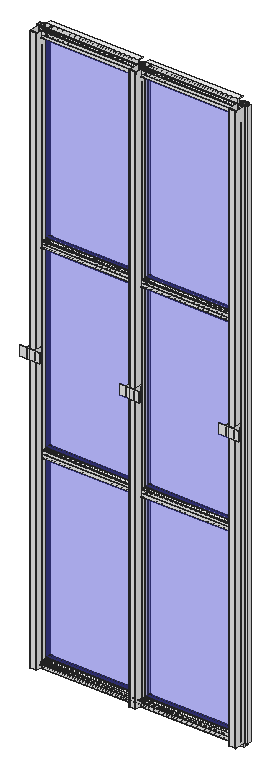
Revit family "Facade_60_Curtain_Wall_I23_Standard", category Windows, host Wall, Revit 2014
Parameters (values of type "F60-I23-1850-1000Pa")
  Windload Design [instance] = if(Custom Windload < 1001 mm, 1000 mm, if(Custom Windload < 1501 mm, 1500 mm, 2000 mm))  # 1000 mm
  Width [instance] = if(Custom Curtain Wall Width < Limit Door Width Min, Limit Door Width Min, if(Custom Curtain Wall Width > Limit Door Width Max, Limit Door Width Max, Custom Curtain Wall Width))  # 1790 mm
  Wall Thickness [instance] = 200 mm
  Vertical Profile Length [instance] = Height - Frame Bottom Gap  # 4960 mm
  URL = "http://www.crealco.co.za/crealco-products.php"
  Type Comments = ""
  Transom Vertical Spacing [instance] = (Height - Frame Bottom Gap - (4 mm * 60)) / 3  # 1573.333 mm
  Top Transom Top Gap [instance] = Transom Vertical Spacing + 60 mm  # 1633.333 mm
  Top Profile Overhang = 5.9 mm  # constant formula
  Thermal Resistance (R) [instance] = if(IGDB or SAGDB Number = 100100, 1.0000 (m²·K)/W / Intruderprufe U Value, if(IGDB or SAGDB Number = 100100, 1.0000 (m²·K)/W / Intruderprufe U Value, if(IGDB or SAGDB Number = 105003, 1.0000 (m²·K)/W / Intruderprufe Insulated U Value, if(IGDB or SAGDB Number = 105004, 1.0000 (m²·K)/W / Intruderprufe Insulated LowE U Value, 1.0000 (m²·K)/W / 7.9)))) * 1  # 0.126582 (m²·K)/W
  Thermal Break Material = Plastic, Opaque Black
  Solar Heat Gain Coefficient [instance] = if(IGDB or SAGDB Number = 100100, Intruderprufe SHGC Value, if(IGDB or SAGDB Number = 103200, Intruderprufe LowE SHGC Value, if(IGDB or SAGDB Number = 105003, Intruderprufe Insulated SHGC Value, if(IGDB or SAGDB Number = 105004, Intruderprufe Insulated LowE SHGC Value, 0))))  # 0
  Single Glazing [instance] = if(DG Forced, 1 = 0, not(Double Glazing))  # no
  Sill Height = 85 mm  # constant formula
  SG Forced [instance] = not(DG Forced)  # no
  Quarter Expansion Break = no
  Overall Width [instance] = 1790 mm
  Overall Height [instance] = 4990 mm
  Mullion Side Gap [instance] = (Width / 2) - 30 mm  # 865 mm
  Mullion Configuration [instance] = if(Windload Design = 1000 mm, if(not(Height > 4990 mm), 1 mm, 2 mm), if(Windload Design = 1500 mm, if(not(Height > 4990 mm), if(Width > 2990 mm, 2 mm, 1 mm), 3 mm), if(not(Height > 4990 mm), if(Width > 1790 mm, 2 mm, 1 mm), 3 mm)))  # 1 mm
  Model = "Facade 60"
  Half Expansion Break = no
  Bottom Transom Bottom Gap [instance] = Transom Vertical Spacing + 30 mm + 60 mm  # 1663.333 mm
  Mid Glazing Bottom Gap [instance] = Frame Bottom Gap + 60 mm + Transom Vertical Spacing + 39.8 mm  # 1703.133 mm
  Max System DG Unit Thickness = 25 mm  # constant formula
  Max System DG One Piece Thickness [instance] = rounddown((Max System DG Unit Thickness - DG Gasket Thickness) / 2 mm) * 1 mm  # 6 mm
  Max Pane Area [instance] = Glazing Width * Glazing Height  # 1.36425 m²
  Manufacturer = "Crealco"
  Limit Door Width Min = (2 * Limit Panel Width Min) + (2 * Glazing Side Gap) + 19.6 mm  # 699.2 mm
  Limit Door Width Max = (2 * Limit Panel Width Max) + (2 * Glazing Side Gap) + 19.6 mm  # 6099.2 mm
  Limit Door Height Min = (3 * Limit Panel Height Min) + 69.8 mm + (2 mm * 19.6) + 39.8 mm  # 1048.8 mm
  Limit Door Height Max = (3 * Limit Panel Height Max) + 69.8 mm + (2 mm * 19.6) + 39.8 mm  # 18148.8 mm
  Limit Panel Width Min = 300 mm  # constant formula
  Limit Panel Width Max = 3000 mm  # constant formula
  Limit Panel Height Min = 300 mm  # constant formula
  Limit Panel Height Max = 6000 mm  # constant formula
  Sill Length [instance] = Width  # 1790 mm
  Length Sill [instance] = Width  # 1790 mm
  Keynote = ""
  Jamb Width = 60 mm  # constant formula
  Intruderprufe U Value = 5.64
  Intruderprufe SHGC Value = 0.685
  Intruderprufe LowE U Value = 4.28
  Intruderprufe LowE SHGC Value = 0.6
  Intruderprufe Insulated U Value = 3.1
  Intruderprufe Insulated SHGC Value = 0.59
  Intruderprufe Insulated LowE U Value = 2.48
  Intruderprufe Insulated LowE SHGC Value = 0.532
  Horizontal Profile Length [instance] = (Width - (2 * Jamb Width) - 60 mm) / 2  # 805 mm
  Glazing Width [instance] = Horizontal Profile Length + (2 mm * 20.2)  # 845.4 mm
  Glazing Top Gap = 39.8 mm  # constant formula
  Glazing Side Gap = 39.8 mm  # constant formula
  Glazing Height [instance] = (Height - Glazing Top Gap - Glazing Bottom Gap - (2 * (60 mm - 20.2 mm - 20.2 mm))) / 3  # 1613.733 mm
  Glazing Gap SG [instance] = (14 mm - SG Thickness) / 2  # 5 mm
  Glazing Gap DG [instance] = (28 mm - (DG Thickness + DG Thickness + DG Gasket Thickness)) / 2  # 4 mm
  Glazing Bottom Gap = 69.8 mm  # constant formula
  Frame Thickness = 101.8 mm  # constant formula
  Frame Bottom Gap = 30 mm  # constant formula
  Door Leaf Height [instance] = 2050 mm
  Double Glazing [instance] = yes
  DG Thickness Calc [instance] = if(not(Max Pane Area > 1.125 m²), 4 mm, if(not(Max Pane Area > 2.25 m²), 4 mm, if(not(Max Pane Area > 3.15 m²), 5 mm, if(not(Max Pane Area > 4.35 m²), 6 mm, if(not(Max Pane Area > 6.45 m²), 8 mm, 10 mm)))))  # 4 mm
  DG Thickness [instance] = if(IGDB or SAGDB Number = 105003, 6 mm, if(IGDB or SAGDB Number = 105004, 7 mm, if(DG Thickness Calc > Max System DG One Piece Thickness, Max System DG One Piece Thickness, DG Thickness Calc)))  # 4 mm
  DG Gasket Thickness = 12 mm  # constant formula
  DG Gasket Finish [instance] = Double Glazing Gasket Material
  DG Forced [instance] = if(IGDB or SAGDB Number = 100100, 1 = 0, if(IGDB or SAGDB Number = 103200, 1 = 0, if(IGDB or SAGDB Number = 105003, 1 = 1, if(IGDB or SAGDB Number = 105004, 1 = 1, Double Glazing))))  # yes
  IGDB or SAGDB Number [instance] = 0
  Height [instance] = if(Custom Curtain Wall Height < Limit Door Height Min, Limit Door Height Min, if(Custom Curtain Wall Height > Limit Door Height Max, Limit Door Height Max, Custom Curtain Wall Height))  # 4990 mm
  Heat Transfer Coefficient (U) [instance] = if(IGDB or SAGDB Number = 100100, Intruderprufe U Value, if(IGDB or SAGDB Number = 103200, Intruderprufe LowE U Value, if(IGDB or SAGDB Number = 105003, Intruderprufe Insulated U Value, if(IGDB or SAGDB Number = 105004, Intruderprufe Insulated LowE U Value, 7.9)))) * 1.0000 W/(m²·K)  # 7.9000 W/(m²·K)
  SG Thickness [instance] = if(IGDB or SAGDB Number = 100100, 6 mm, if(IGDB or SAGDB Number = 103200, 7 mm, if(not(Max Pane Area > 0.75 m²), 4 mm, if(not(Max Pane Area > 1.50 m²), 4 mm, if(not(Max Pane Area > 2.10 m²), 5 mm, if(not(Max Pane Area > 2.90 m²), 6.4 mm, if(not(Max Pane Area > 4.30 m²), 8 mm, 10 mm)))))))  # 4 mm
  Glazing Material [instance] = if(IGDB or SAGDB Number = 100100, "PFG INTRUDERPRUFE 6.38mm", if(IGDB or SAGDB Number = 103200, "PFG INTRUDERPRUFE LOW-E 7.38mm", if(IGDB or SAGDB Number = 105003, "PFG 25mm INTRUDERPRUFE INSULATED GLASS", if(IGDB or SAGDB Number = 105004, "PFG 25mm INTRUDERPRUFE INSULATED GLASS LOW-E", "Unknown"))))  # "Unknown"
  Glazing Finish [instance] = Glass
  Glazing Code [instance] = if(IGDB or SAGDB Number = 100100, "LAM01", if(IGDB or SAGDB Number = 103200, "LAM01E", if(IGDB or SAGDB Number = 105003, "IGU25", if(IGDB or SAGDB Number = 105004, "IGU25E", "Unknown"))))  # "Unknown"
  Frame Offset [instance] = if([100mm Mullion], 130 mm, if([160mm Mullion], 160 mm, 190 mm))  # 130 mm
  Description = "Curtain Wall, I23"  # constant formula
  Default Sill Height = 0 mm
  Wall Closure = By host
  Custom Curtain Wall Width = 1790 mm
  Custom Curtain Wall Height = 4990 mm
  Custom Windload = 1000 mm
  Custom Anchor Height = 0 mm
  Anchor Height [instance] = if(or(Custom Anchor Height < 42.5 mm, Custom Anchor Height > (Height - 42.5 mm)), (Height / 2) - 42.5 mm, Custom Anchor Height - 42.5 mm)  # 2452.5 mm
  Aluminium Finish [instance] = White Powder Coated Aluminium ANP 1052
  All Available Glazing Numbers [instance] = "The rows below list the available glazing materials for this window:"  # constant formula
  190mm Mullion [instance] = if(Mullion Configuration = 3 mm, 1 = 1, 1 = 0)  # no
  160mm Mullion [instance] = if(Mullion Configuration = 2 mm, 1 = 1, 1 = 0)  # no
  105004 [instance] = "IGU25E"  # constant formula
  105003 [instance] = "IGU25"  # constant formula
  103200 [instance] = "LAM01E"  # constant formula
  100mm Mullion [instance] = if(or(Mullion Configuration = 2 mm, Mullion Configuration = 3 mm), 1 = 0, 1 = 1)  # yes
  100100 [instance] = "LAM01"  # constant formula
Reference planes
  plane 1 "Center (Front/Back)": y = 0
  plane 2 "Center (Left/Right)": x = 0
  plane 3 "Left": x = -895
  plane 4 "Right": x = 895
  plane 5 "Sill": z = 0
  plane 6 "Head": z = 4990
  plane 7 "Exterior": y = 100
  plane 8 "Interior": y = -100
Lines and regions (mm)
  Opening 1
    outline origin (3507.082, -100, 0) x (1, 0, 0) y (0, 0, 1)
      loop
        line (-2612.082, 0) -> (-2612.082, 4990) -> (-4402.082, 4990) -> (-4402.082, 0) -> (-2612.082, 0)
Text (mm)
  text "EXTERIOR" at (-1963.203, 1332.353, 0), in view "Ref. Level"
  text "INTERIOR" at (-1981.466, -818.386, 0), in view "Ref. Level"
  text "Exterior" at (0, 923.751, 2943.296), in view "Right"
  text "Exterior" at (0, 1040.484, 2685.409), in view "Left"
Dimensions and locks
  equal spacing: plane 3 "Left", plane 2 "Center (Left/Right)", plane 4 "Right"
  "Width": plane 3 "Left" to plane 4 "Right"
  "Height": plane 5 "Sill" to plane 6 "Head"
  "Default Sill Height": plane 5 "Sill" to level
  locked: plane 7 "Exterior" to host wall at 0
  locked: plane 8 "Interior" to host wall
  "Overall Height": plane 6 "Head" to plane 5 "Sill"
  "Overall Width": plane 3 "Left" to plane 4 "Right"
  "Wall Thickness": host wall to host wall
  "Jamb Width": nested 3 to plane 4 "Right"
  "Jamb Width": nested 5 to plane 4 "Right"
  "Frame Bottom Gap": nested 5 to level
  "Glazing Side Gap": nested 6 to plane 4 "Right"
  "Glazing Top Gap": nested 6 to plane 6 "Head"
  "Glazing Gap SG": nested 6 to nested 1
  "Glazing Side Gap": nested 7 to plane 4 "Right"
  "Glazing Top Gap": nested 7 to plane 6 "Head"
  "Glazing Gap DG": nested 7 to nested 1
  "Mullion Side Gap": nested 8 to plane 4 "Right"
  "Frame Bottom Gap": nested 8 to level
  "Jamb Width": plane 3 "Left" to nested 10
  "Jamb Width": plane 3 "Left" to nested 9
  "Glazing Side Gap": plane 3 "Left" to nested 11
  "Glazing Side Gap": plane 3 "Left" to nested 12
  "Glazing Gap SG": nested 2 to nested 12
  "Glazing Gap DG": nested 2 to nested 11
  "Glazing Bottom Gap": nested 11 to level
  "Glazing Bottom Gap": nested 12 to level
  "Frame Bottom Gap": nested 9 to level
  "Bottom Transom Bottom Gap": nested 13 to level
  "Jamb Width": plane 3 "Left" to nested 13
  "Jamb Width": nested 14 to plane 4 "Right"
  "Glazing Bottom Gap": nested 15 to level
  "Glazing Bottom Gap": nested 16 to level
  "Glazing Top Gap": nested 17 to plane 6 "Head"
  "Glazing Top Gap": nested 18 to plane 6 "Head"
  "Glazing Side Gap": plane 3 "Left" to nested 18
  "Glazing Side Gap": plane 3 "Left" to nested 17
  "Glazing Side Gap": nested 15 to plane 4 "Right"
  "Glazing Side Gap": nested 16 to plane 4 "Right"
  "Glazing Gap SG": nested 16 to nested 1
  "Glazing Gap DG": nested 15 to nested 1
  "Glazing Gap SG": nested 2 to nested 18
  "Glazing Gap DG": nested 2 to nested 17
  "Jamb Width": nested 19 to plane 4 "Right"
  "Jamb Width": plane 3 "Left" to nested 20
  "Mid Glazing Bottom Gap": nested 22 to level
  "Mid Glazing Bottom Gap": nested 24 to level
  "Mid Glazing Bottom Gap": nested 21 to level
  "Mid Glazing Bottom Gap": nested 23 to level
  "Glazing Side Gap": plane 3 "Left" to nested 23
  "Glazing Side Gap": plane 3 "Left" to nested 21
  "Glazing Side Gap": nested 24 to plane 4 "Right"
  "Glazing Side Gap": nested 22 to plane 4 "Right"
  "Glazing Gap DG": nested 2 to nested 21
  "Glazing Gap SG": nested 2 to nested 23
  "Glazing Gap DG": nested 22 to nested 1
  "Glazing Gap SG": nested 24 to nested 1
  "Bottom Transom Bottom Gap": nested 14 to level
  "Top Transom Top Gap": nested 19 to plane 6 "Head"
  "Top Transom Top Gap": nested 20 to plane 6 "Head"
  "Frame Offset": plane 8 "Interior" to nested 1
  "Anchor Height": nested 25 to level
  "Anchor Height": nested 26 to level
  "Anchor Height": nested 27 to level
  aligned and locked: plane 4 "Right" to nested 1
  aligned and locked: nested 1 to plane 6 "Head"
  aligned and locked: plane 3 "Left" to nested 2
  aligned and locked: plane 6 "Head" to nested 2
  aligned and locked: nested 3 to plane 6 "Head"
  aligned and locked: nested 4 to level
  aligned and locked: plane 4 "Right" to nested 4
  aligned and locked: nested 1 to nested 2
  aligned and locked: nested 5 to nested 4
  aligned and locked: nested 8 to nested 2
  aligned and locked: nested 10 to plane 6 "Head"
  aligned and locked: nested 5 to nested 10
  aligned and locked: nested 5 to nested 9
  aligned and locked: nested 10 to nested 3
  aligned and locked: nested 10 to nested 2
  aligned and locked: nested 13 to nested 10
  aligned and locked: nested 14 to nested 3
  aligned and locked: nested 20 to nested 10
  aligned and locked: nested 19 to nested 3
  aligned and locked: nested 1 to nested 27
  aligned and locked: plane 8 "Interior" to nested 27
  aligned and locked: plane 8 "Interior" to nested 26
  aligned and locked: nested 8 to nested 26
  aligned and locked: nested 25 to nested 2
  aligned and locked: plane 8 "Interior" to nested 25
Automatic sketch dimensions
  plane 3 "Left" to Opening 1 sketch curve = 0 mm
  plane 4 "Right" to Opening 1 sketch curve = 0 mm
  Opening 1 sketch curve to plane 5 "Sill" = 0 mm
  Opening 1 sketch curve to plane 6 "Head" = 0 mm
Nested families
  nested 1: "F60 Vertical Profile Side_I23_Std" at (895, 35.2, 30) x (-1, 0, 0) z (0, 0, 1), Thermal Break Material <- "Thermal Break Material", Profile Material <- "Aluminium Finish", Length <- "Vertical Profile Length", Single Glazing <- "SG Forced", Double Glazing <- "DG Forced", 100mm Mullion <- "100mm Mullion", 160mm Mullion <- "160mm Mullion", 190mm Mullion <- "190mm Mullion", Quarter Expansion Break <- "Quarter Expansion Break", Half Expansion Break <- "Half Expansion Break", type "F60 Vertical Profile Side_I23_Std"
    with Thermal Break Material Plastic, Opaque Black, Single Glazing no, Quarter SG Expansion Break no, Quarter Length 1240 mm, Quarter Expansion Break no, Quarter DG Expansion Break no, Quarter 190mm Expansion Break no, Quarter 160mm Expansion Break no, Quarter 100mm Expansion Break no, Profile Material White Powder Coated Aluminium ANP 1052, Length 4960 mm, Half SG Expansion Break no, Half Length 2480 mm, Half Expansion Break no, Half DG Expansion Break no, Half 190mm Expansion Joint no, Half 160mm Expansion Break no, Half 100mm Expansion Break no, Double Glazing yes, 190mm Mullion no, 160mm Mullion no, 100mm Mullion yes
  nested 2: "F60 Vertical Profile Side_I23_Std" at (-895, 35.2, 30), Thermal Break Material <- "Thermal Break Material", Profile Material <- "Aluminium Finish", Length <- "Vertical Profile Length", Single Glazing <- "SG Forced", Double Glazing <- "DG Forced", 100mm Mullion <- "100mm Mullion", 160mm Mullion <- "160mm Mullion", 190mm Mullion <- "190mm Mullion", Quarter Expansion Break <- "Quarter Expansion Break", Half Expansion Break <- "Half Expansion Break", type "F60 Vertical Profile Side_I23_Std"
    with Thermal Break Material Plastic, Opaque Black, Single Glazing no, Quarter SG Expansion Break no, Quarter Length 1240 mm, Quarter Expansion Break no, Quarter DG Expansion Break no, Quarter 190mm Expansion Break no, Quarter 160mm Expansion Break no, Quarter 100mm Expansion Break no, Profile Material White Powder Coated Aluminium ANP 1052, Length 4960 mm, Half SG Expansion Break no, Half Length 2480 mm, Half Expansion Break no, Half DG Expansion Break no, Half 190mm Expansion Joint no, Half 160mm Expansion Break no, Half 100mm Expansion Break no, Double Glazing yes, 190mm Mullion no, 160mm Mullion no, 100mm Mullion yes
  nested 3: "F60 Horizontal Profile Top_I23_Std" at (835, -14.6, 4930) x (-1, 0, 0) z (0, 0, 1), Thermal Break Material <- "Thermal Break Material", Profile Material <- "Aluminium Finish", Length <- "Horizontal Profile Length", Single Glazing <- "SG Forced", Double Glazing <- "DG Forced", type "F60 Horizontal Profile Top_I23_Std"
    with Thermal Break Material Plastic, Opaque Black, Single Glazing no, Profile Material White Powder Coated Aluminium ANP 1052, Length 805 mm, Double Glazing yes
  nested 4: "F60 Sill_I23_Std" at (895, 22.771, -1.88) x (-1, 0, 0) z (0, 0, 1), Profile Material <- "Aluminium Finish", Length Sill <- "Length Sill", type "F60 Sill_I23_Std"
    with Profile Material White Powder Coated Aluminium ANP 1052, Length Sill 1790 mm
  nested 5: "F60 Horizontal Profile Bottom_I23_Std" at (835, -14.6, 30) x (-1, 0, 0) z (0, 0, 1), Thermal Break Material <- "Thermal Break Material", Profile Material <- "Aluminium Finish", Length <- "Horizontal Profile Length", Single Glazing <- "SG Forced", Double Glazing <- "DG Forced", type "F60 Horizontal Profile Bottom_I23_Std"
    with Thermal Break Material Plastic, Opaque Black, Single Glazing no, Profile Material White Powder Coated Aluminium ANP 1052, Length 805 mm, Double Glazing yes
  nested 6: "F60_Single_Glazing_I23_Std" at (855.2, 44.2, 3336.467), Glazing Width <- "Glazing Width", Glazing Height <- "Glazing Height", SG Thickness <- "SG Thickness", Glazing Finish <- "Glazing Finish", visible <- "SG Forced", type "F60_Single_Glazing_I23_Std"
    with SG Thickness 4 mm, Glazing Width 845.4 mm, Glazing Height 1613.733 mm, Glazing Finish Glass
  nested 7: "F60_Double_Glazing_I23_Std" at (855.2, 59.2, 3336.467), Glazing Material <- "Glazing Finish", Double Glazing Gasket Material <- "DG Gasket Finish", Glazing Width <- "Glazing Width", Glazing Height <- "Glazing Height", Glazing Thickness DG <- "DG Thickness", Double Glazing Gasket Thickness <- "DG Gasket Thickness", visible <- "DG Forced", type "F60_Double_Glazing_I23_Std"
    with Glazing Width 845.4 mm, Glazing Thickness DG 4 mm, Glazing Material Glass, Glazing Height 1613.733 mm, Double Glazing Gasket Thickness 12 mm, Double Glazing Gasket Material Double Glazing Gasket Material
  nested 8: "F60 Vertical Profile Middle_I23_Std" at (30, 35.2, 30) x (-1, 0, 0) z (0, 0, 1), Thermal Break Material <- "Thermal Break Material", Profile Material <- "Aluminium Finish", Single Glazing <- "SG Forced", Double Glazing <- "DG Forced", 190mm Mullion <- "190mm Mullion", 160mm Mullion <- "160mm Mullion", 100mm Mullion <- "100mm Mullion", Length <- "Vertical Profile Length", Half Expansion Break <- "Half Expansion Break", Quarter Expansion Break <- "Quarter Expansion Break", type "F60 Vertical Profile Middle_I23_Std"
    with Thermal Break Material Plastic, Opaque Black, Single Glazing no, Quarter SG Expansion Break no, Quarter Length 1240 mm, Quarter Expansion Break no, Quarter DG Expansion Break no, Quarter 190mm Expansion Break no, Quarter 160mm Expansion Break no, Quarter 100mm Expansion Break no, Profile Material White Powder Coated Aluminium ANP 1052, Length 4960 mm, Half SG Expansion Break no, Half Length 2480 mm, Half Expansion Break no, Half DG Expansion Break no, Half 190mm Expansion Joint no, Half 160mm Expansion Break no, Half 100mm Expansion Break no, Double Glazing yes, 190mm Mullion no, 160mm Mullion no, 100mm Mullion yes
  nested 9: "F60 Horizontal Profile Bottom_I23_Std" at (-30, -14.6, 30) x (-1, 0, 0) z (0, 0, 1), Thermal Break Material <- "Thermal Break Material", Profile Material <- "Aluminium Finish", Length <- "Horizontal Profile Length", Single Glazing <- "SG Forced", Double Glazing <- "DG Forced", type "F60 Horizontal Profile Bottom_I23_Std"
    with Thermal Break Material Plastic, Opaque Black, Single Glazing no, Profile Material White Powder Coated Aluminium ANP 1052, Length 805 mm, Double Glazing yes
  nested 10: "F60 Horizontal Profile Top_I23_Std" at (-30, -14.6, 4930) x (-1, 0, 0) z (0, 0, 1), Thermal Break Material <- "Thermal Break Material", Profile Material <- "Aluminium Finish", Length <- "Horizontal Profile Length", Single Glazing <- "SG Forced", Double Glazing <- "DG Forced", type "F60 Horizontal Profile Top_I23_Std"
    with Thermal Break Material Plastic, Opaque Black, Single Glazing no, Profile Material White Powder Coated Aluminium ANP 1052, Length 805 mm, Double Glazing yes
  nested 11: "F60_Double_Glazing_I23_Std" at (-9.8, 59.2, 69.8), Glazing Material <- "Glazing Finish", Double Glazing Gasket Material <- "DG Gasket Finish", Glazing Width <- "Glazing Width", Glazing Height <- "Glazing Height", Glazing Thickness DG <- "DG Thickness", Double Glazing Gasket Thickness <- "DG Gasket Thickness", visible <- "DG Forced", type "F60_Double_Glazing_I23_Std"
    with Glazing Width 845.4 mm, Glazing Thickness DG 4 mm, Glazing Material Glass, Glazing Height 1613.733 mm, Double Glazing Gasket Thickness 12 mm, Double Glazing Gasket Material Double Glazing Gasket Material
  nested 12: "F60_Single_Glazing_I23_Std" at (-9.8, 44.2, 69.8), Glazing Width <- "Glazing Width", Glazing Height <- "Glazing Height", SG Thickness <- "SG Thickness", Glazing Finish <- "Glazing Finish", visible <- "SG Forced", type "F60_Single_Glazing_I23_Std"
    with SG Thickness 4 mm, Glazing Width 845.4 mm, Glazing Height 1613.733 mm, Glazing Finish Glass
  nested 13: "F60 Horizontal Profile Middle_I23_Std" at (-30, -14.6, 1663.333) x (-1, 0, 0) z (0, 0, 1), Thermal Break Material <- "Thermal Break Material", Profile Material <- "Aluminium Finish", Length <- "Horizontal Profile Length", Single Glazing <- "SG Forced", Double Glazing <- "DG Forced", type "F60 Horizontal Profile Middle_I23_Std"
    with Thermal Break Material Plastic, Opaque Black, Single Glazing no, Profile Material White Powder Coated Aluminium ANP 1052, Length 805 mm, Double Glazing yes
  nested 14: "F60 Horizontal Profile Middle_I23_Std" at (835, -14.6, 1663.333) x (-1, 0, 0) z (0, 0, 1), Thermal Break Material <- "Thermal Break Material", Profile Material <- "Aluminium Finish", Length <- "Horizontal Profile Length", Single Glazing <- "SG Forced", Double Glazing <- "DG Forced", type "F60 Horizontal Profile Middle_I23_Std"
    with Thermal Break Material Plastic, Opaque Black, Single Glazing no, Profile Material White Powder Coated Aluminium ANP 1052, Length 805 mm, Double Glazing yes
  nested 15: "F60_Double_Glazing_I23_Std" at (855.2, 59.2, 69.8), Glazing Material <- "Glazing Finish", Double Glazing Gasket Material <- "DG Gasket Finish", Glazing Width <- "Glazing Width", Glazing Height <- "Glazing Height", Glazing Thickness DG <- "DG Thickness", Double Glazing Gasket Thickness <- "DG Gasket Thickness", visible <- "DG Forced", type "F60_Double_Glazing_I23_Std"
    with Glazing Width 845.4 mm, Glazing Thickness DG 4 mm, Glazing Material Glass, Glazing Height 1613.733 mm, Double Glazing Gasket Thickness 12 mm, Double Glazing Gasket Material Double Glazing Gasket Material
  nested 16: "F60_Single_Glazing_I23_Std" at (855.2, 44.2, 69.8), Glazing Width <- "Glazing Width", Glazing Height <- "Glazing Height", SG Thickness <- "SG Thickness", Glazing Finish <- "Glazing Finish", visible <- "SG Forced", type "F60_Single_Glazing_I23_Std"
    with SG Thickness 4 mm, Glazing Width 845.4 mm, Glazing Height 1613.733 mm, Glazing Finish Glass
  nested 17: "F60_Double_Glazing_I23_Std" at (-9.8, 59.2, 3336.467), Glazing Material <- "Glazing Finish", Double Glazing Gasket Material <- "DG Gasket Finish", Glazing Width <- "Glazing Width", Glazing Height <- "Glazing Height", Glazing Thickness DG <- "DG Thickness", Double Glazing Gasket Thickness <- "DG Gasket Thickness", visible <- "DG Forced", type "F60_Double_Glazing_I23_Std"
    with Glazing Width 845.4 mm, Glazing Thickness DG 4 mm, Glazing Material Glass, Glazing Height 1613.733 mm, Double Glazing Gasket Thickness 12 mm, Double Glazing Gasket Material Double Glazing Gasket Material
  nested 18: "F60_Single_Glazing_I23_Std" at (-9.8, 44.2, 3336.467), Glazing Width <- "Glazing Width", Glazing Height <- "Glazing Height", SG Thickness <- "SG Thickness", Glazing Finish <- "Glazing Finish", visible <- "SG Forced", type "F60_Single_Glazing_I23_Std"
    with SG Thickness 4 mm, Glazing Width 845.4 mm, Glazing Height 1613.733 mm, Glazing Finish Glass
  nested 19: "F60 Horizontal Profile Middle_I23_Std" at (835, -14.6, 3296.667) x (-1, 0, 0) z (0, 0, 1), Thermal Break Material <- "Thermal Break Material", Profile Material <- "Aluminium Finish", Length <- "Horizontal Profile Length", Single Glazing <- "SG Forced", Double Glazing <- "DG Forced", type "F60 Horizontal Profile Middle_I23_Std"
    with Thermal Break Material Plastic, Opaque Black, Single Glazing no, Profile Material White Powder Coated Aluminium ANP 1052, Length 805 mm, Double Glazing yes
  nested 20: "F60 Horizontal Profile Middle_I23_Std" at (-30, -14.6, 3296.667) x (-1, 0, 0) z (0, 0, 1), Thermal Break Material <- "Thermal Break Material", Profile Material <- "Aluminium Finish", Length <- "Horizontal Profile Length", Single Glazing <- "SG Forced", Double Glazing <- "DG Forced", type "F60 Horizontal Profile Middle_I23_Std"
    with Thermal Break Material Plastic, Opaque Black, Single Glazing no, Profile Material White Powder Coated Aluminium ANP 1052, Length 805 mm, Double Glazing yes
  nested 21: "F60_Double_Glazing_I23_Std" at (-9.8, 59.2, 1703.133), Glazing Material <- "Glazing Finish", Double Glazing Gasket Material <- "DG Gasket Finish", Glazing Width <- "Glazing Width", Glazing Height <- "Glazing Height", Glazing Thickness DG <- "DG Thickness", Double Glazing Gasket Thickness <- "DG Gasket Thickness", visible <- "DG Forced", type "F60_Double_Glazing_I23_Std"
    with Glazing Width 845.4 mm, Glazing Thickness DG 4 mm, Glazing Material Glass, Glazing Height 1613.733 mm, Double Glazing Gasket Thickness 12 mm, Double Glazing Gasket Material Double Glazing Gasket Material
  nested 22: "F60_Double_Glazing_I23_Std" at (855.2, 59.2, 1703.133), Glazing Material <- "Glazing Finish", Double Glazing Gasket Material <- "DG Gasket Finish", Glazing Width <- "Glazing Width", Glazing Height <- "Glazing Height", Glazing Thickness DG <- "DG Thickness", Double Glazing Gasket Thickness <- "DG Gasket Thickness", visible <- "DG Forced", type "F60_Double_Glazing_I23_Std"
    with Glazing Width 845.4 mm, Glazing Thickness DG 4 mm, Glazing Material Glass, Glazing Height 1613.733 mm, Double Glazing Gasket Thickness 12 mm, Double Glazing Gasket Material Double Glazing Gasket Material
  nested 23: "F60_Single_Glazing_I23_Std" at (-9.8, 44.2, 1703.133), Glazing Width <- "Glazing Width", Glazing Height <- "Glazing Height", SG Thickness <- "SG Thickness", Glazing Finish <- "Glazing Finish", visible <- "SG Forced", type "F60_Single_Glazing_I23_Std"
    with SG Thickness 4 mm, Glazing Width 845.4 mm, Glazing Height 1613.733 mm, Glazing Finish Glass
  nested 24: "F60_Single_Glazing_I23_Std" at (855.2, 44.2, 1703.133), Glazing Width <- "Glazing Width", Glazing Height <- "Glazing Height", SG Thickness <- "SG Thickness", Glazing Finish <- "Glazing Finish", visible <- "SG Forced", type "F60_Single_Glazing_I23_Std"
    with SG Thickness 4 mm, Glazing Width 845.4 mm, Glazing Height 1613.733 mm, Glazing Finish Glass
  nested 25: "F60 Intermediate Anchor_I23_Std" at (-972.715, -189.531, 2452.5), Profile Material <- "Aluminium Finish", type "F60 Intermediate Anchor_I23_Std"
    with Profile Material White Powder Coated Aluminium ANP 1052
  nested 26: "F60 Intermediate Anchor_I23_Std" at (-109.703, -189.531, 2452.5), Profile Material <- "Aluminium Finish", type "F60 Intermediate Anchor_I23_Std"
    with Profile Material White Powder Coated Aluminium ANP 1052
  nested 27: "F60 Intermediate Anchor_I23_Std" at (755.297, -189.531, 2452.5), Profile Material <- "Aluminium Finish", type "F60 Intermediate Anchor_I23_Std"
    with Profile Material White Powder Coated Aluminium ANP 1052
Definition of nested family "F60 Vertical Profile Side_I23_Std"
  Parameters (values of type "F60 Vertical Profile Side")
    Quarter SG Expansion Break [instance] = if(and(Quarter Expansion Break, Single Glazing), 1 = 1, 1 = 0)  # yes
    Quarter Length [instance] = Length / 4  # 62.5 mm
    Thermal Break Material [instance] = none
    Single Glazing [instance] = yes
    Quarter Expansion Break [instance] = yes
    Quarter DG Expansion Break [instance] = if(and(Quarter Expansion Break, Double Glazing), 1 = 1, 1 = 0)  # yes
    Quarter 190mm Expansion Break [instance] = if(and(Quarter Expansion Break, [190mm Mullion]), 1 = 1, 1 = 0)  # yes
    Quarter 160mm Expansion Break [instance] = if(and(Quarter Expansion Break, [160mm Mullion]), 1 = 1, 1 = 0)  # yes
    Quarter 100mm Expansion Break [instance] = if(and(Quarter Expansion Break, [100mm Mullion]), 1 = 1, 1 = 0)  # yes
    Profile Material [instance] = none
    Length [instance] = 250 mm
    Half SG Expansion Break [instance] = if(and(Half Expansion Break, Single Glazing), 1 = 1, 1 = 0)  # yes
    Half Length [instance] = Length / 2  # 125 mm
    Half Expansion Break [instance] = yes
    Half DG Expansion Break [instance] = if(and(Half Expansion Break, Double Glazing), 1 = 1, 1 = 0)  # yes
    Half 190mm Expansion Joint [instance] = if(and(Half Expansion Break, [190mm Mullion]), 1 = 1, 1 = 0)  # yes
    Half 160mm Expansion Break [instance] = if(and(Half Expansion Break, [160mm Mullion]), 1 = 1, 1 = 0)  # yes
    Half 100mm Expansion Break [instance] = if(and(Half Expansion Break, [100mm Mullion]), 1 = 1, 1 = 0)  # yes
    Double Glazing [instance] = yes
    190mm Mullion [instance] = yes
    160mm Mullion [instance] = yes
    100mm Mullion [instance] = yes
  Reference planes
    plane 1 "Center (Front/Back)": y = 0
    plane 2: z = 0
    plane 3 "Center (Left/Right)": x = 0
  Forms (mm)
    Extrusion 1, solid, material <- "Profile Material"
      sketch origin (0, 0, 0) x (1, 0, 0) y (0, 1, 0)
        loop
          arc (25.249, -8.7) -> (25.484, -9.266) -> (26.049, -9.5) r 0.8
          line (26.049, -9.5) -> (27.1, -9.5) -> (27.1, 7) -> (32.902, 7) -> (32.902, -9.5) -> (33.951, -9.5)
          arc (33.951, -9.5) -> (34.516, -9.266) -> (34.751, -8.7) r 0.8
          line (34.751, -8.7) -> (34.751, 6.2)
          arc (34.751, 6.2) -> (34.985, 6.766) -> (35.551, 7) r 0.8
          line (35.551, 7) -> (52.1, 7) -> (52.1, 5.4) -> (50.55, 5.4) -> (50.55, 4.55)
          arc (50.55, 4.55) -> (50.726, 4.126) -> (51.15, 3.95) r 0.6
          line (51.15, 3.95) -> (52.1, 3.95) -> (52.1, 1)
          arc (52.1, 1) -> (51.6, 0.5) -> (52.1, 0) r 0.5
          line (52.1, 0) -> (54.45, 0) -> (54.45, 1.15) -> (53.3, 1.15) -> (53.3, 2.45) -> (58.8, 2.45) -> (58.8, 1.15) -> (57.65, 1.15) -> (57.65, 0) -> (59.5, 0)
          arc (59.5, 0) -> (59.854, 0.146) -> (60, 0.5) r 0.5
          line (60, 0.5) -> (60, 3.9) -> (53.55, 3.9) -> (53.55, 7.6)
          arc (53.55, 7.6) -> (53.316, 8.166) -> (52.75, 8.4) r 0.8
          line (52.75, 8.4) -> (30, 8.4) -> (7.25, 8.4)
          arc (7.25, 8.4) -> (6.684, 8.166) -> (6.45, 7.6) r 0.8
          line (6.45, 7.6) -> (6.45, 3.9) -> (0, 3.9) -> (0, 0.5)
          arc (0, 0.5) -> (0.146, 0.146) -> (0.5, 0) r 0.5
          line (0.5, 0) -> (2.35, 0) -> (2.35, 1.15) -> (1.2, 1.15) -> (1.2, 2.45) -> (6.7, 2.45) -> (6.7, 1.15) -> (5.55, 1.15) -> (5.55, 0) -> (7.9, 0)
          arc (7.9, 0) -> (8.4, 0.5) -> (7.9, 1) r 0.5
          line (7.9, 1) -> (7.9, 3.95) -> (8.85, 3.95)
          arc (8.85, 3.95) -> (9.274, 4.126) -> (9.45, 4.55) r 0.6
          line (9.45, 4.55) -> (9.45, 5.4) -> (7.9, 5.4) -> (7.9, 7) -> (24.449, 7)
          arc (24.449, 7) -> (25.015, 6.766) -> (25.249, 6.2) r 0.8
          line (25.249, 6.2) -> (25.249, -8.7)
      from 0 to 250 <- "Length"
    Extrusion 2, solid, material <- "Thermal Break Material"
      sketch origin (0, 0, 0) x (1, 0, 0) y (0, 1, 0)
        loop
          line (1.75, 9.8) -> (1.75, 5.2) -> (0, 5.2) -> (0, 3.9) -> (6.35, 3.9) -> (6.35, 7.856)
          arc (6.35, 7.856) -> (6.526, 8.281) -> (6.95, 8.456) r 0.6
          line (6.95, 8.456) -> (30, 8.456) -> (53.05, 8.456)
          arc (53.05, 8.456) -> (53.474, 8.281) -> (53.65, 7.856) r 0.6
          line (53.65, 7.856) -> (53.65, 3.9) -> (60, 3.9) -> (60, 5.2) -> (58.25, 5.2) -> (58.25, 9.8) -> (30, 9.8) -> (1.75, 9.8)
      from 0 to 250 <- "Length"
    Extrusion 3, solid, material <- "Thermal Break Material", visible <- "Single Glazing"
      sketch origin (0, 0, 0) x (1, 0, 0) y (0, 1, 0)
        loop
          line (25.749, -14.011) -> (27.672, -14.011) -> (28.481, -12.611) -> (31.518, -12.611) -> (32.327, -14.011) -> (34.249, -14.011)
          arc (34.249, -14.011) -> (34.603, -13.864) -> (34.749, -13.511) r 0.5
          line (34.749, -13.511) -> (34.749, -10.011)
          arc (34.749, -10.011) -> (34.603, -9.657) -> (34.249, -9.511) r 0.5
          line (34.249, -9.511) -> (32.352, -9.511) -> (32.352, 0.19) -> (31.349, 2.261)
          arc (31.349, 2.261) -> (29.999, 2.986) -> (28.649, 2.261) r 1.62
          line (28.649, 2.261) -> (27.647, 0.19) -> (27.647, -9.511) -> (25.749, -9.511)
          arc (25.749, -9.511) -> (25.396, -9.657) -> (25.249, -10.011) r 0.5
          line (25.249, -10.011) -> (25.249, -13.511)
          arc (25.249, -13.511) -> (25.396, -13.864) -> (25.749, -14.011) r 0.5
        loop
          line (28.504, -10.005) -> (28.504, -10.861)
          arc (28.504, -10.861) -> (28.651, -11.214) -> (29.004, -11.361) r 0.5
          line (29.004, -11.361) -> (30.994, -11.361)
          arc (30.994, -11.361) -> (31.348, -11.214) -> (31.494, -10.861) r 0.5
          line (31.494, -10.861) -> (31.494, -10.005) -> (30.708, -9.219)
          arc (30.708, -9.219) -> (30.383, -9.001) -> (29.999, -8.924) r 1.007
          arc (29.999, -8.924) -> (29.616, -8.999) -> (29.292, -9.217) r 0.986
          line (29.292, -9.217) -> (28.504, -10.005)
        loop
          arc (30.896, 1.935) -> (29.887, 2.44) -> (29.005, 1.735) r 1.047
          line (29.005, 1.735) -> (28.347, 0.374) -> (28.347, -6.993)
          arc (28.347, -6.993) -> (28.583, -7.417) -> (29.068, -7.441) r 0.5
          arc (29.068, -7.441) -> (29.999, -7.223) -> (30.93, -7.441) r 2.099
          arc (30.93, -7.441) -> (31.416, -7.417) -> (31.652, -6.993) r 0.5
          line (31.652, -6.993) -> (31.652, 0.374) -> (30.896, 1.935)
      from 0 to 250 <- "Length"
    Extrusion 4, solid, material <- "Profile Material", visible <- "Single Glazing"
      sketch origin (0, 0, 0) x (1, 0, 0) y (0, 1, 0)
        loop
          line (52.693, -14.011) -> (32.327, -14.011) -> (31.519, -12.611) -> (28.481, -12.611) -> (27.673, -14.011) -> (7.307, -14.011) -> (7.307, -15.011) -> (8.457, -15.011) -> (8.457, -16.261) -> (2.957, -16.261) -> (2.957, -15.011) -> (4.107, -15.011) -> (4.107, -14.011) -> (1.707, -14.011)
          arc (1.707, -14.011) -> (1.199, -14.293) -> (1.168, -14.873) r 0.6
          line (1.168, -14.873) -> (2.093, -16.772) -> (1.015, -17.298) -> (1.484, -18.261) -> (11.488, -18.261)
          arc (11.488, -18.261) -> (11.913, -18.085) -> (12.088, -17.661) r 0.6
          line (12.088, -17.661) -> (12.088, -16.811) -> (47.912, -16.811) -> (47.912, -17.661)
          arc (47.912, -17.661) -> (48.088, -18.085) -> (48.512, -18.261) r 0.6
          line (48.512, -18.261) -> (58.518, -18.261) -> (58.987, -17.298) -> (57.908, -16.772) -> (58.834, -14.874)
          arc (58.834, -14.874) -> (58.802, -14.293) -> (58.293, -14.011) r 0.6
          line (58.293, -14.011) -> (55.893, -14.011) -> (55.893, -15.011) -> (57.043, -15.011) -> (57.043, -16.261) -> (51.543, -16.261) -> (51.543, -15.011) -> (52.693, -15.011) -> (52.693, -14.011)
      from 0 to 250 <- "Length"
    Extrusion 5, solid, material <- "Profile Material", visible <- "Single Glazing"
      sketch origin (0, 0, 0) x (1, 0, 0) y (0, 1, 0)
        loop
          line (2.801, -18.261) -> (1.484, -18.261) -> (1.015, -17.298) -> (2.093, -16.772) -> (0.779, -14.076)
          arc (0.779, -14.076) -> (0.239, -14.21) -> (0.001, -14.713) r 0.65
          line (0.001, -14.713) -> (0.001, -28.068)
          arc (0.001, -28.068) -> (1.172, -30.897) -> (4.001, -32.068) r 4
          line (4.001, -32.068) -> (30.001, -32.068) -> (56.001, -32.068)
          arc (56.001, -32.068) -> (58.829, -30.897) -> (60.001, -28.068) r 4
          line (60.001, -28.068) -> (60.001, -14.713)
          arc (60.001, -14.713) -> (59.763, -14.21) -> (59.223, -14.076) r 0.65
          line (59.223, -14.076) -> (57.908, -16.772) -> (58.987, -17.298) -> (58.518, -18.261) -> (57.201, -18.261)
          arc (57.201, -18.261) -> (56.83, -18.425) -> (56.703, -18.811) r 0.5
          arc (56.703, -18.811) -> (56.83, -19.196) -> (57.201, -19.361) r 0.5
          line (57.201, -19.361) -> (58.951, -19.361) -> (58.951, -27.968)
          arc (58.951, -27.968) -> (58.131, -29.948) -> (56.151, -30.768) r 2.8
          line (56.151, -30.768) -> (30.001, -30.768) -> (3.851, -30.768)
          arc (3.851, -30.768) -> (1.871, -29.948) -> (1.051, -27.968) r 2.8
          line (1.051, -27.968) -> (1.051, -19.361) -> (2.801, -19.361)
          arc (2.801, -19.361) -> (3.172, -19.196) -> (3.298, -18.811) r 0.5
          arc (3.298, -18.811) -> (3.172, -18.425) -> (2.801, -18.261) r 0.5
      from 0 to 250 <- "Length"
    Extrusion 6, solid, material <- "Profile Material", visible <- "100mm Mullion"
      sketch origin (0, 0, 0) x (1, 0, 0) y (0, 1, 0)
        loop
          line (14.02, 13) -> (45.98, 13)
          arc (45.98, 13) -> (46.539, 12.842) -> (46.917, 12.4) r 1
          arc (46.917, 12.4) -> (47.285, 11.963) -> (47.833, 11.8) r 1
          line (47.833, 11.8) -> (58.15, 11.8) -> (58.15, 96.3) -> (47.833, 96.3)
          arc (47.833, 96.3) -> (47.285, 96.137) -> (46.917, 95.7) r 1
          arc (46.917, 95.7) -> (46.548, 95.263) -> (46, 95.1) r 1
          line (46, 95.1) -> (14, 95.1)
          arc (14, 95.1) -> (13.452, 95.263) -> (13.083, 95.7) r 1
          arc (13.083, 95.7) -> (12.715, 96.137) -> (12.167, 96.3) r 1
          line (12.167, 96.3) -> (1.85, 96.3) -> (1.85, 11.8) -> (12.167, 11.8)
          arc (12.167, 11.8) -> (12.715, 11.963) -> (13.083, 12.4) r 1
          arc (13.083, 12.4) -> (13.461, 12.842) -> (14.02, 13) r 1
        loop
          line (1.65, 9.856) -> (58.35, 9.856) -> (58.35, 5.2) -> (60, 5.2) -> (60, 98.8)
          arc (60, 98.8) -> (59.707, 99.507) -> (59, 99.8) r 1
          line (59, 99.8) -> (1, 99.8)
          arc (1, 99.8) -> (0.293, 99.507) -> (0, 98.8) r 1
          line (0, 98.8) -> (0, 5.2) -> (1.65, 5.2) -> (1.65, 9.856)
      from 0 to 250 <- "Length"
    Extrusion 7, solid, material <- "Profile Material", visible <- "160mm Mullion"
      sketch origin (0, 0, 0) x (1, 0, 0) y (0, 1, 0)
        loop
          arc (2.35, 15.6) -> (2.526, 15.176) -> (2.95, 15) r 0.6
          line (2.95, 15) -> (57.05, 15)
          arc (57.05, 15) -> (57.474, 15.176) -> (57.65, 15.6) r 0.6
          line (57.65, 15.6) -> (57.65, 153.7)
          arc (57.65, 153.7) -> (57.474, 154.124) -> (57.05, 154.3) r 0.6
          line (57.05, 154.3) -> (47.833, 154.3)
          arc (47.833, 154.3) -> (47.285, 154.137) -> (46.917, 153.7) r 1
          arc (46.917, 153.7) -> (46.548, 153.263) -> (46, 153.1) r 1
          line (46, 153.1) -> (14, 153.1)
          arc (14, 153.1) -> (13.452, 153.263) -> (13.083, 153.7) r 1
          arc (13.083, 153.7) -> (12.715, 154.137) -> (12.167, 154.3) r 1
          line (12.167, 154.3) -> (2.95, 154.3)
          arc (2.95, 154.3) -> (2.526, 154.124) -> (2.35, 153.7) r 0.6
          line (2.35, 153.7) -> (2.35, 15.6)
        loop
          arc (1, 159.8) -> (0.293, 159.507) -> (0, 158.8) r 1
          line (0, 158.8) -> (0, 5.2) -> (1.65, 5.2) -> (1.65, 10.013) -> (58.35, 10.013) -> (58.35, 5.2) -> (60, 5.2) -> (60, 158.8)
          arc (60, 158.8) -> (59.707, 159.507) -> (59, 159.8) r 1
          line (59, 159.8) -> (1, 159.8)
      from 0 to 250 <- "Length"
    Extrusion 8, solid, material <- "Profile Material", visible <- "190mm Mullion"
      sketch origin (0, 0, 0) x (1, 0, 0) y (0, 1, 0)
        loop
          line (57.25, 15.1) -> (57.25, 178.3)
          arc (57.25, 178.3) -> (56.957, 179.007) -> (56.25, 179.3) r 1
          line (56.25, 179.3) -> (3.75, 179.3)
          arc (3.75, 179.3) -> (3.043, 179.007) -> (2.75, 178.3) r 1
          line (2.75, 178.3) -> (2.75, 15.1)
          arc (2.75, 15.1) -> (2.984, 14.534) -> (3.55, 14.3) r 0.8
          line (3.55, 14.3) -> (56.45, 14.3)
          arc (56.45, 14.3) -> (57.016, 14.534) -> (57.25, 15.1) r 0.8
        loop
          line (60, 5.2) -> (60, 188.8)
          arc (60, 188.8) -> (59.707, 189.507) -> (59, 189.8) r 1
          line (59, 189.8) -> (1, 189.8)
          arc (1, 189.8) -> (0.293, 189.507) -> (0, 188.8) r 1
          line (0, 188.8) -> (0, 5.2) -> (1.65, 5.2) -> (1.65, 9.856) -> (58.35, 9.856) -> (58.35, 5.2) -> (60, 5.2)
      from 0 to 250 <- "Length"
    Extrusion 9, solid, material <- "Thermal Break Material", visible <- "Double Glazing"
      sketch origin (0, 0, 0) x (1, 0, 0) y (0, 1, 0)
        loop
          line (27.672, -28) -> (28.48, -26.6) -> (31.518, -26.6) -> (32.326, -28) -> (34.249, -28)
          arc (34.249, -28) -> (34.603, -27.854) -> (34.749, -27.5) r 0.5
          line (34.749, -27.5) -> (34.749, -10)
          arc (34.749, -10) -> (34.603, -9.646) -> (34.249, -9.5) r 0.5
          line (34.249, -9.5) -> (32.352, -9.5) -> (32.352, 0.198) -> (31.348, 2.272)
          arc (31.348, 2.272) -> (29.998, 2.997) -> (28.648, 2.272) r 1.62
          line (28.648, 2.272) -> (27.645, 0.201) -> (27.645, -9.5) -> (25.749, -9.5)
          arc (25.749, -9.5) -> (25.396, -9.646) -> (25.249, -10) r 0.5
          line (25.249, -10) -> (25.249, -27.5)
          arc (25.249, -27.5) -> (25.396, -27.854) -> (25.749, -28) r 0.5
          line (25.749, -28) -> (27.672, -28)
        loop
          arc (30.706, -9.206) -> (30.382, -8.99) -> (29.999, -8.913) r 1.007
          arc (29.999, -8.913) -> (29.616, -8.988) -> (29.292, -9.206) r 0.986
          line (29.292, -9.206) -> (27.142, -11.356)
          arc (27.142, -11.356) -> (26.926, -11.68) -> (26.849, -12.063) r 1
          line (26.849, -12.063) -> (26.849, -24)
          arc (26.849, -24) -> (27.142, -24.707) -> (27.849, -25) r 1
          line (27.849, -25) -> (32.149, -25)
          arc (32.149, -25) -> (32.856, -24.707) -> (33.149, -24) r 1
          line (33.149, -24) -> (33.149, -12.063)
          arc (33.149, -12.063) -> (33.073, -11.68) -> (32.856, -11.356) r 1
          line (32.856, -11.356) -> (30.706, -9.206)
        loop
          arc (28.345, -6.982) -> (28.581, -7.407) -> (29.067, -7.43) r 0.5
          arc (29.067, -7.43) -> (29.998, -7.213) -> (30.929, -7.43) r 2.099
          arc (30.929, -7.43) -> (31.414, -7.407) -> (31.651, -6.982) r 0.5
          line (31.651, -6.982) -> (31.651, 0.385) -> (30.895, 1.946)
          arc (30.895, 1.946) -> (29.885, 2.45) -> (29.004, 1.745) r 1.047
          line (29.004, 1.745) -> (28.345, 0.385) -> (28.345, -6.982)
      from 0 to 250 <- "Length"
    Extrusion 10, solid, material <- "Profile Material", visible <- "Double Glazing"
      sketch origin (0, 0, 0) x (1, 0, 0) y (0, 1, 0)
        loop
          line (52.692, -28) -> (32.327, -28) -> (31.518, -26.6) -> (28.48, -26.6) -> (27.672, -28) -> (7.306, -28) -> (7.306, -29) -> (8.456, -29) -> (8.456, -30.25) -> (2.956, -30.25) -> (2.956, -29) -> (4.106, -29) -> (4.106, -28) -> (1.706, -28)
          arc (1.706, -28) -> (1.198, -28.282) -> (1.167, -28.863) r 0.6
          line (1.167, -28.863) -> (2.093, -30.762) -> (1.014, -31.288) -> (1.483, -32.25) -> (11.488, -32.25)
          arc (11.488, -32.25) -> (11.912, -32.074) -> (12.088, -31.65) r 0.6
          line (12.088, -31.65) -> (12.088, -30.8) -> (47.911, -30.8) -> (47.911, -31.65)
          arc (47.911, -31.65) -> (48.087, -32.074) -> (48.511, -32.25) r 0.6
          line (48.511, -32.25) -> (58.517, -32.25) -> (58.986, -31.288) -> (57.907, -30.762) -> (58.833, -28.864)
          arc (58.833, -28.864) -> (58.801, -28.282) -> (58.292, -28) r 0.6
          line (58.292, -28) -> (55.892, -28) -> (55.892, -29) -> (57.042, -29) -> (57.042, -30.25) -> (51.542, -30.25) -> (51.542, -29) -> (52.692, -29) -> (52.692, -28)
      from 0 to 250 <- "Length"
    Extrusion 11, solid, material <- "Profile Material", visible <- "Double Glazing"
      sketch origin (0, 0, 0) x (1, 0, 0) y (0, 1, 0)
        loop
          line (2.8, -32.25) -> (1.483, -32.25) -> (1.014, -31.288) -> (2.093, -30.762) -> (0.778, -28.065)
          arc (0.778, -28.065) -> (0.238, -28.2) -> (0, -28.702) r 0.65
          line (0, -28.702) -> (0, -42.058)
          arc (0, -42.058) -> (1.172, -44.886) -> (4, -46.058) r 4
          line (4, -46.058) -> (30, -46.058) -> (56, -46.058)
          arc (56, -46.058) -> (58.828, -44.886) -> (60, -42.058) r 4
          line (60, -42.058) -> (60, -28.702)
          arc (60, -28.702) -> (59.762, -28.2) -> (59.222, -28.065) r 0.65
          line (59.222, -28.065) -> (57.907, -30.762) -> (58.986, -31.288) -> (58.517, -32.25) -> (57.2, -32.25)
          arc (57.2, -32.25) -> (56.829, -32.415) -> (56.703, -32.8) r 0.5
          arc (56.703, -32.8) -> (56.829, -33.185) -> (57.2, -33.35) r 0.5
          line (57.2, -33.35) -> (58.95, -33.35) -> (58.95, -41.958)
          arc (58.95, -41.958) -> (58.13, -43.938) -> (56.15, -44.758) r 2.8
          line (56.15, -44.758) -> (30, -44.758) -> (3.85, -44.758)
          arc (3.85, -44.758) -> (1.87, -43.938) -> (1.05, -41.958) r 2.8
          line (1.05, -41.958) -> (1.05, -33.35) -> (2.8, -33.35)
          arc (2.8, -33.35) -> (3.171, -33.185) -> (3.297, -32.8) r 0.5
          arc (3.297, -32.8) -> (3.171, -32.415) -> (2.8, -32.25) r 0.5
      from 0 to 250 <- "Length"
    Extrusion 12, solid, material <- "Profile Material", visible <- "Single Glazing"
      sketch origin (0, 0, 0) x (1, 0, 0) y (0, 1, 0)
        loop
          line (10.403, -10.171) -> (10.403, -3.821) -> (-21.349, -3.821) -> (-21.349, -35.567) -> (-14.999, -35.567) -> (-14.999, -10.171) -> (10.403, -10.171)
      from 0 to 250 <- "Length"
    Extrusion 13, solid, material <- "Profile Material", visible <- "Double Glazing"
      sketch origin (0, 0, 0) x (1, 0, 0) y (0, 1, 0)
        loop
          line (10.402, -7.775) -> (10.402, -1.425) -> (-21.35, -1.425) -> (-21.35, -33.172) -> (-15, -33.172) -> (-15, -7.775) -> (10.402, -7.775)
      from 0 to 250 <- "Length"
    Extrusion 14, solid, material <- "Profile Material", visible <- "Double Glazing"
      sketch origin (0, 0, 0) x (1, 0, 0) y (0, 1, 0)
        loop
          line (12, -7.775) -> (0, -7.775) -> (0, -25.775) -> (12, -25.775) -> (12, -7.775)
        loop
          line (10.8, -8.975) -> (1.2, -8.975) -> (1.2, -24.575) -> (10.8, -24.575) -> (10.8, -8.975)
      from 0 to 250 <- "Length"
  Lines and regions (mm)
    model lines, style "GenericModelHiddenLines", visible <- "Half 100mm Expansion Break"
      curve 1: line (60, 5.2, 125) -> (60, 95.2, 125)
      curve 2: line (60, 99.8, 125) -> (0, 99.8, 125)
      curve 8: line (0, 5.2, 125) -> (0, 95.2, 125)
    model lines, style "GenericModelHiddenLines", visible <- "Quarter 100mm Expansion Break"
      curve 3: line (60, 5.2, 187.5) -> (60, 95.2, 187.5)
      curve 4: line (60, 5.2, 62.5) -> (60, 95.2, 62.5)
      curve 5: line (60, 99.8, 62.5) -> (0, 99.8, 62.5)
      curve 6: line (60, 99.8, 187.5) -> (0, 99.8, 187.5)
      curve 7: line (0, 5.2, 187.5) -> (0, 95.2, 187.5)
      curve 9: line (0, 5.2, 62.5) -> (0, 95.2, 62.5)
    model lines, style "GenericModelHiddenLines", visible <- "Half SG Expansion Break"
      curve 10: line (4.107, -32.068, 125) -> (55.893, -32.068, 125)
      curve 14: line (60.001, -14.011, 125) -> (60.001, -32.068, 125)
    model lines, style "GenericModelHiddenLines", visible <- "Quarter SG Expansion Break"
      curve 11: line (4.107, -32.068, 187.5) -> (56.703, -32.068, 187.5)
      curve 12: line (4.107, -32.068, 62.5) -> (56.703, -32.068, 62.5)
      curve 13: line (60.001, -14.011, 187.5) -> (60.001, -32.068, 187.5)
      curve 15: line (60.001, -14.011, 62.5) -> (60.001, -32.068, 62.5)
    model lines, style "GenericModelHiddenLines", visible <- "Quarter 160mm Expansion Break"
      curve 16: line (0, 5.2, 187.5) -> (0, 155.2, 187.5)
      curve 18: line (0, 5.2, 62.5) -> (0, 155.2, 62.5)
      curve 19: line (0, 159.8, 187.5) -> (60, 159.8, 187.5)
      curve 21: line (0, 159.8, 62.5) -> (60, 159.8, 62.5)
      curve 22: line (60, 5.2, 187.5) -> (60, 155.2, 187.5)
      curve 24: line (60, 5.2, 62.5) -> (60, 155.2, 62.5)
    model lines, style "GenericModelHiddenLines", visible <- "Half 160mm Expansion Break"
      curve 17: line (0, 5.2, 125) -> (0, 155.2, 125)
      curve 20: line (0, 159.8, 125) -> (60, 159.8, 125)
      curve 23: line (60, 5.2, 125) -> (60, 155.2, 125)
    model lines, style "GenericModelHiddenLines", visible <- "Quarter 190mm Expansion Break"
      curve 25: line (0, 5.2, 187.5) -> (0, 185.2, 187.5)
      curve 27: line (0, 5.2, 62.5) -> (0, 185.2, 62.5)
      curve 28: line (0.779, 189.8, 187.5) -> (59.222, 189.8, 187.5)
      curve 30: line (0.779, 189.8, 62.5) -> (59.222, 189.8, 62.5)
      curve 31: line (60, 5.2, 187.5) -> (60, 185.2, 187.5)
      curve 33: line (60, 5.2, 62.5) -> (60, 185.2, 62.5)
    model lines, style "GenericModelHiddenLines", visible <- "Half 190mm Expansion Joint"
      curve 26: line (0, 5.2, 125) -> (0, 185.2, 125)
      curve 29: line (0.779, 189.8, 125) -> (59.222, 189.8, 125)
      curve 32: line (60, 5.2, 125) -> (60, 185.2, 125)
    model lines, style "GenericModelHiddenLines", visible <- "Quarter DG Expansion Break"
      curve 34: line (60, -28.065, 187.5) -> (60, -46.074, 187.5)
      curve 36: line (60, -28.065, 62.5) -> (60, -46.027, 62.5)
      curve 37: line (59.222, -46.058, 187.5) -> (0.779, -46.058, 187.5)
      curve 39: line (59.222, -46.058, 62.5) -> (0.779, -46.058, 62.5)
    model lines, style "GenericModelHiddenLines", visible <- "Half DG Expansion Break"
      curve 35: line (60, -28.065, 125) -> (60, -46.074, 125)
      curve 38: line (59.222, -46.058, 125) -> (0.779, -46.058, 125)
  Dimensions and locks
    "Half Length": curve 1 to level
    "Half Length": level to curve 2
    "Quarter Length": curve 4 to level
    "Quarter Length": Extrusion 8 to curve 3
    "Quarter Length": level to curve 5
    "Quarter Length": curve 6 to Extrusion 6
    "Quarter Length": curve 9 to level
    "Half Length": curve 8 to level
    "Quarter Length": Extrusion 8 to curve 7
    "Quarter Length": curve 12 to level
    "Half Length": curve 10 to level
    "Quarter Length": Extrusion 5 to curve 11
    "Quarter Length": curve 15 to level
    "Half Length": curve 14 to level
    "Quarter Length": Extrusion 5 to curve 13
    "Quarter Length": Extrusion 7 to curve 18
    "Half Length": Extrusion 7 to curve 17
    "Quarter Length": Extrusion 7 to curve 16
    "Quarter Length": Extrusion 7 to curve 21
    "Quarter Length": curve 19 to Extrusion 7
    "Half Length": Extrusion 7 to curve 20
    "Quarter Length": Extrusion 7 to curve 24
    "Quarter Length": Extrusion 7 to curve 22
    "Half Length": Extrusion 7 to curve 23
    "Quarter Length": Extrusion 8 to curve 27
    "Quarter Length": Extrusion 8 to curve 25
    "Half Length": Extrusion 8 to curve 26
    "Quarter Length": Extrusion 8 to curve 30
    "Quarter Length": curve 28 to Extrusion 8
    "Half Length": Extrusion 8 to curve 29
    "Quarter Length": Extrusion 8 to curve 33
    "Quarter Length": Extrusion 8 to curve 31
    "Half Length": Extrusion 8 to curve 32
    "Quarter Length": Extrusion 11 to curve 36
    "Quarter Length": Extrusion 11 to curve 34
    "Half Length": Extrusion 11 to curve 35
    "Quarter Length": Extrusion 11 to curve 37
    "Quarter Length": curve 39 to Extrusion 11
    "Half Length": curve 38 to Extrusion 11
    aligned and locked: level to plane 2
  Automatic sketch dimensions
    Extrusion 1 sketch curve to plane 3 "Center (Left/Right)" = 0 mm
    plane 1 "Center (Front/Back)" to Extrusion 1 sketch curve = 0 mm  (x4)
    plane 3 "Center (Left/Right)" to Extrusion 1 sketch curve = 0.5 mm
    Extrusion 1 sketch curve to Extrusion 1 sketch curve = 0.7 mm  (x2)
    Extrusion 1 sketch curve to Extrusion 1 sketch curve = 1.15 mm  (x4)
    Extrusion 1 sketch curve to Extrusion 1 sketch curve = 3.2 mm  (x2)
    Extrusion 1 sketch curve to Extrusion 1 sketch curve = 0.9 mm
    Extrusion 1 sketch curve to Extrusion 1 sketch curve = 0.25 mm
    Extrusion 1 sketch curve to Extrusion 1 sketch curve = 0.8 mm  (x7)
    Extrusion 1 sketch curve to Extrusion 1 sketch curve = 1.45 mm  (x2)
    Extrusion 1 sketch curve to Extrusion 1 sketch curve = 0.65 mm  (x3)
    Extrusion 1 sketch curve to Extrusion 1 sketch curve = 0.95 mm  (x3)
    Extrusion 1 sketch curve to Extrusion 1 sketch curve = 0.6 mm  (x3)
    Extrusion 1 sketch curve to plane 1 "Center (Front/Back)" = 7 mm
    Extrusion 1 sketch curve to Extrusion 1 sketch curve = 14.999 mm  (x2)
    plane 1 "Center (Front/Back)" to Extrusion 1 sketch curve = 8.7 mm
    Extrusion 1 sketch curve to Extrusion 1 sketch curve = 1.85 mm
    Extrusion 1 sketch curve to Extrusion 1 sketch curve = 2.9 mm
    Extrusion 1 sketch curve to Extrusion 1 sketch curve = 5.802 mm
    Extrusion 1 sketch curve to Extrusion 1 sketch curve = 1.049 mm
    Extrusion 1 sketch curve to plane 1 "Center (Front/Back)" = 4.55 mm
    Extrusion 1 sketch curve to plane 1 "Center (Front/Back)" = 0.5 mm  (x3)
    Extrusion 1 sketch curve to Extrusion 1 sketch curve = 1.2 mm
    Extrusion 1 sketch curve to plane 1 "Center (Front/Back)" = 1.15 mm  (x2)
    Extrusion 1 sketch curve to Extrusion 1 sketch curve = 0 mm
    Extrusion 1 sketch curve to Extrusion 1 sketch curve = 1.3 mm  (x2)
    Extrusion 1 sketch curve to Extrusion 1 sketch curve = 0.05 mm  (x2)
    Extrusion 1 sketch curve to Extrusion 1 sketch curve = 0.85 mm  (x2)
    Extrusion 1 sketch curve to plane 1 "Center (Front/Back)" = 6.2 mm
    Extrusion 2 sketch curve to plane 3 "Center (Left/Right)" = 0 mm
    plane 3 "Center (Left/Right)" to Extrusion 2 sketch curve = 1.75 mm
    Extrusion 2 sketch curve to Extrusion 2 sketch curve = 4.6 mm  (x4)
    Extrusion 2 sketch curve to Extrusion 2 sketch curve = 0.6 mm  (x2)
    Extrusion 2 sketch curve to plane 1 "Center (Front/Back)" = 9.8 mm
    Extrusion 2 sketch curve to Extrusion 2 sketch curve = 23.05 mm  (x2)
    Extrusion 2 sketch curve to Extrusion 2 sketch curve = 0 mm
    Extrusion 2 sketch curve to plane 1 "Center (Front/Back)" = 8.456 mm
    Extrusion 2 sketch curve to Extrusion 2 sketch curve = 1.75 mm
    Extrusion 2 sketch curve to plane 1 "Center (Front/Back)" = 3.9 mm  (x2)
    plane 3 "Center (Left/Right)" to Extrusion 3 sketch curve = 25.249 mm
    Extrusion 3 sketch curve to Extrusion 3 sketch curve = 0.5 mm  (x6)
    Extrusion 3 sketch curve to plane 1 "Center (Front/Back)" = 0.19 mm  (x2)
    Extrusion 3 sketch curve to Extrusion 3 sketch curve = 1.897 mm  (x2)
    Extrusion 3 sketch curve to Extrusion 3 sketch curve = 1.922 mm  (x2)
    Extrusion 3 sketch curve to plane 1 "Center (Front/Back)" = 0.374 mm  (x2)
    Extrusion 3 sketch curve to Extrusion 3 sketch curve = 0.7 mm  (x2)
    plane 1 "Center (Front/Back)" to Extrusion 3 sketch curve = 12.611 mm
    Extrusion 3 sketch curve to Extrusion 3 sketch curve = 0.809 mm
    Extrusion 3 sketch curve to Extrusion 3 sketch curve = 0.858 mm
    Extrusion 3 sketch curve to plane 1 "Center (Front/Back)" = 2.261 mm  (x2)
    Extrusion 3 sketch curve to Extrusion 3 sketch curve = 0.303 mm
    Extrusion 3 sketch curve to plane 1 "Center (Front/Back)" = 1.735 mm
    Extrusion 3 sketch curve to Extrusion 3 sketch curve = 0.356 mm
    plane 1 "Center (Front/Back)" to Extrusion 3 sketch curve = 9.217 mm
    Extrusion 3 sketch curve to Extrusion 3 sketch curve = 0.788 mm
    Extrusion 3 sketch curve to Extrusion 3 sketch curve = 0.701 mm
    Extrusion 3 sketch curve to Extrusion 3 sketch curve = 0.003 mm
    Extrusion 3 sketch curve to Extrusion 3 sketch curve = 0.992 mm
    Extrusion 3 sketch curve to Extrusion 3 sketch curve = 0.006 mm
    Extrusion 3 sketch curve to Extrusion 3 sketch curve = 0.002 mm
    plane 1 "Center (Front/Back)" to Extrusion 3 sketch curve = 9.219 mm
    Extrusion 3 sketch curve to Extrusion 3 sketch curve = 0.709 mm
    Extrusion 3 sketch curve to plane 1 "Center (Front/Back)" = 1.935 mm
    Extrusion 3 sketch curve to Extrusion 3 sketch curve = 0.899 mm
    Extrusion 3 sketch curve to Extrusion 3 sketch curve = 0.998 mm
    Extrusion 3 sketch curve to Extrusion 3 sketch curve = 0.444 mm
    Extrusion 3 sketch curve to Extrusion 3 sketch curve = 0.524 mm
    Extrusion 3 sketch curve to Extrusion 3 sketch curve = 0.756 mm
    Extrusion 3 sketch curve to Extrusion 3 sketch curve = 0.808 mm
    Extrusion 3 sketch curve to Extrusion 3 sketch curve = 0.9 mm  (x2)
    Extrusion 3 sketch curve to Extrusion 3 sketch curve = 1.25 mm
    Extrusion 3 sketch curve to Extrusion 3 sketch curve = 0.85 mm  (x2)
    Extrusion 3 sketch curve to Extrusion 3 sketch curve = 0.856 mm  (x2)
    Extrusion 3 sketch curve to Extrusion 3 sketch curve = 0.714 mm
    Extrusion 3 sketch curve to Extrusion 3 sketch curve = 0.02 mm
    Extrusion 3 sketch curve to Extrusion 3 sketch curve = 0.399 mm
    Extrusion 3 sketch curve to Extrusion 3 sketch curve = 2.224 mm
    Extrusion 3 sketch curve to Extrusion 3 sketch curve = 0.448 mm
    Extrusion 3 sketch curve to Extrusion 3 sketch curve = 0.032 mm
    Extrusion 3 sketch curve to Extrusion 3 sketch curve = 0 mm
    plane 3 "Center (Left/Right)" to Extrusion 4 sketch curve = 1.015 mm
    Extrusion 4 sketch curve to Extrusion 4 sketch curve = 0.469 mm
    plane 3 "Center (Left/Right)" to Extrusion 4 sketch curve = 1.707 mm
    Extrusion 4 sketch curve to Extrusion 4 sketch curve = 1.079 mm
    Extrusion 4 sketch curve to Extrusion 4 sketch curve = 0.864 mm
    Extrusion 4 sketch curve to Extrusion 4 sketch curve = 1.15 mm  (x4)
    Extrusion 4 sketch curve to Extrusion 4 sketch curve = 3.2 mm  (x2)
    Extrusion 4 sketch curve to Extrusion 4 sketch curve = 3.031 mm  (x2)
    Extrusion 4 sketch curve to Extrusion 4 sketch curve = 0.6 mm  (x3)
    Extrusion 4 sketch curve to Extrusion 4 sketch curve = 15.584 mm  (x2)
    plane 1 "Center (Front/Back)" to Extrusion 4 sketch curve = 12.611 mm
    Extrusion 4 sketch curve to Extrusion 4 sketch curve = 0.808 mm  (x2)
    Extrusion 4 sketch curve to Extrusion 4 sketch curve = 3.038 mm
    plane 1 "Center (Front/Back)" to Extrusion 4 sketch curve = 14.011 mm
    plane 1 "Center (Front/Back)" to Extrusion 4 sketch curve = 16.772 mm
    Extrusion 4 sketch curve to Extrusion 4 sketch curve = 0.865 mm
    Extrusion 4 sketch curve to Extrusion 4 sketch curve = 1.25 mm  (x4)
    plane 1 "Center (Front/Back)" to Extrusion 4 sketch curve = 18.261 mm
    Extrusion 4 sketch curve to Extrusion 4 sketch curve = 0.61 mm
    plane 1 "Center (Front/Back)" to Extrusion 4 sketch curve = 17.298 mm
    Extrusion 4 sketch curve to Extrusion 4 sketch curve = 5.65 mm
    Extrusion 4 sketch curve to Extrusion 4 sketch curve = 0.962 mm
    Extrusion 4 sketch curve to Extrusion 4 sketch curve = 0.85 mm
    Extrusion 4 sketch curve to Extrusion 4 sketch curve = 0.512 mm  (x2)
    Extrusion 4 sketch curve to Extrusion 4 sketch curve = 1 mm  (x2)
